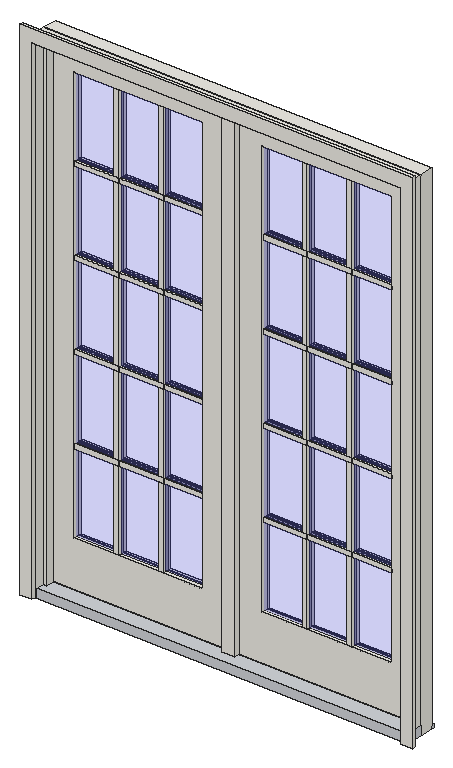
Revit family "Door-Outswing-Andersen-A_Series-Double 2", category Doors, host Wall, Revit 2013
Parameters
  Visual Light Transmittance = 0.37  # constant formula
  Type Comments = "Fiberglass-clad and Flexacron finished wood double door"  # constant formula
  Thermal Resistance (R) = 0.58703  # 3.3333 (h·ft²·°F)/BTU
  Solar Heat Gain Coefficient = 0.16  # constant formula
  Rough Width = Width + (Rough Opening Offset * 2)  # 6' - 0 3/4"
  Rough Height = if(1 > 0, Height + 0' 0 1/2", 0' 0")  # 8' - 0 1/2"
  Learn About These Parameters = "http://www.andersenwindows.com/for-professionals/cad-symbols-bim-support-window-doors/bim-support"
  Heat Transfer Coefficient (U) = 1.7035  # 0.3000 BTU/(h·ft²·°F)
  Grille Bar Sizes = "3/4'', 7/8'', 1 1/8'', 2 1/4''"  # constant formula
  Between Glass Grille Bar Sizes = "3/4'', 1''"  # constant formula
  Interior Trim Visibility = yes
  Grille Bar Size = 0' - 0 7/8"
  Enter Pattern Number = 1
  Analytic Construction = "<None>"
  ..Pattern Number 1 = "Colonial"  # constant formula
  . . Lights Wide = 3
  . . Lights High = 5
  ..Pattern Number 2 = "Modified Colonial"  # constant formula
  ..Pattern Number 3 = "Prairie"  # constant formula
  ..Pattern Number 4 = "Short Fractional"  # constant formula
  ..Pattern Number 5 = "Tall Fractional"  # constant formula
  Extension Jamb Visibility = yes
  Enter Exterior Trim Number = 0
  ..Exterior Trim Number 0 = "No Exterior Trim"  # constant formula
  ..Exterior Trim Number 1 = "Brick Mould"  # constant formula
  ..Exterior Trim Number 2 = "3 1/2'' Flat Casing"  # constant formula
  ..Exterior Trim Number 3 = "4 1/2'' Flat Casing"  # constant formula
  Interior Grille Bar Visibility = yes
  Exterior Grille Bar Visibility = yes
  Between Glass Grille Bar Visibility = yes
  xjamb Visibility [instance] = and(Extension Jamb Visibility, Wall Depth > 0' 4 9/16")  # no
  xjamb S1 [instance] = if(Wall Depth < 0' 4 5/8", 0' 0 1/16", 0' 0")  # 0' - 0 1/16"
  casingS2 = if(Enter Exterior Trim Number = 1, 0' 0 3/16", 0' 0 3/16")  # 0' - 0 3/16"
  casingS1 = if(Enter Exterior Trim Number = 1, 0' 0 7/16", 0' 0 3/16")  # 0' - 0 3/16"
  casing4 = if(Enter Exterior Trim Number = 1, 0' 1 3/4", if(Enter Exterior Trim Number = 2, 0' 3 1/4", 0' 4 1/4"))  # 0' - 4 1/4"
  casing3 = 0' - 0 1/2"  # constant formula
  casing2 = 0' - 0 7/8"  # constant formula
  casing1 = 0' - 0 1/4"  # constant formula
  Wall Thickness [instance] = 0' - 8"
  Wall Depth [instance] = 0' - 4 9/16"
  Void Offset 1 [instance] = if(Enter Exterior Trim Number > 0, casing4, 0' 0")  # 0' - 0"
  Void Depth [instance] = if(Wall Thickness > Wall Depth, 0' 1" + Wall Thickness - Wall Depth, 0' 1")  # 0' - 4 7/16"
  VGB DLO = if(Enter Pattern Number = 3, 0' 4", (H DLO - (Grille Bar Size * (V Bars))) / if(LWide > 2, LWide, 3))  # 0' - 7.66667"
  V Bars = if(Enter Pattern Number = 3, 2, if(LWide > 2, LWide - 1, 2))  # 2
  URL = "www.andersenwindows.com"
  TS V DLO = Height - HGO - SGO  # 6' - 7 7/8"
  TS V Bar Length = if(or(Enter Pattern Number = 5, Enter Pattern Number = 2), ((((Height - HGO - SGO - (Grille Bar Size * (Fractional Lights High - 1))) / Fractional Lights High)) * TFL) + (TFB * Grille Bar Size), if(Enter Pattern Number = 4, ((Height - HGO - SGO - (Grille Bar Size * (Fractional Lights High - 1))) / Fractional Lights High), Height - HGO - SGO))  # 6' - 7 7/8"
  TS SH DLO = if(or(Enter Pattern Number = 5, Enter Pattern Number = 2), ((((Height - HGO - SGO - (Grille Bar Size * (Fractional Lights High - 1))) / Fractional Lights High)) * TFL) + (TFB * Grille Bar Size) + HGO + (Grille Bar Size / 2), if(Enter Pattern Number = 4, TS V Bar Length + HGO + (Grille Bar Size / 2), (TS V DLO / 2) + HGO))  # 3' - 9 9/16"
  TS S V = or(and(LWide = 2, Enter Pattern Number = 1), and(Fractional Lights Wide = 2, or(or(Enter Pattern Number = 2, Enter Pattern Number = 4), Enter Pattern Number = 5)))  # no
  TS S H Craftsman = and(Enter Pattern Number = 2, or(Fractional Lights High = 4, Fractional Lights High = 5))  # no
  TS S H = or(or(or(and(. . Lights High = 2, Enter Pattern Number = 1), and(Enter Pattern Number = 4, Fractional Lights High > 1)), and(Enter Pattern Number = 5, Fractional Lights High > 1)), and(Enter Pattern Number = 2, Fractional Lights High > 1))  # no
  TS M V = or(or(or(or(or(and(LWide > 2, Enter Pattern Number = 1), and(LWide > 2, Enter Pattern Number = 2)), Enter Pattern Number = 3), Enter Pattern Number = 4), Enter Pattern Number = 5), and(LWide > 2, Enter Pattern Number = 6))  # yes
  TS M H = or(or(Enter Pattern Number = 3, and(. . Lights High > 2, Enter Pattern Number = 1)), and(Enter Pattern Number = 2, Fractional Lights High > 5))  # yes
  TS HGB DLO = if(Enter Pattern Number = 1, if(. . Lights High > 2, ((TS V Bar Length - (Grille Bar Size * (. . Lights High - 1))) / . . Lights High), 0' 4"), if(Enter Pattern Number = 3, 0' 4", if(Fractional Lights High > 2, ((TS V Bar Length - (Grille Bar Size * 2)) / 3), 0' 4")))  # 1' - 3.275"
  TS H Bars = if(Enter Pattern Number = 3, 2, if(Enter Pattern Number = 1, if(. . Lights High > 2, . . Lights High - 1, 2), 2))  # 4
  TFL = if(Fractional Lights High > 5, 3, if(or(Fractional Lights High = 4, Fractional Lights High = 5), 2, if(or(Fractional Lights High = 2, Fractional Lights High = 3), 1, 1)))  # 3
  TFB = TFL - 1  # 2
  Sill Interior Offset [instance] = 0' - 0"  # constant formula
  Sill Height [instance] = 0' - 1 11/16"  # constant formula
  Rough Opening Offset = 0' - 0 3/8"
  Panel Bottom Inset [instance] = 0' - 1"  # constant formula
  Sill Depth [instance] = 0' - 6 7/32"  # constant formula
  SGO = 0' - 10 1/2"  # constant formula
  Product Documentation Link = "http://www.andersenwindows.com/products/a-series-hinged-patio-door/"
  Panel Width = (Width / 2) - 0' 0 3/4"  # 2' - 11 1/4"
  Panel Height [instance] = CTRL Height - 0' 0 3/4" - Panel Bottom Inset  # 7' - 10 1/4"
  Nail Fin Visibility = Enter Exterior Trim Number = 0  # yes
  Model = "A-Series"  # constant formula
  Masonry Width = if(Enter Exterior Trim Number > 0, Width + ((casing4 + Masonry Opening Offset) * 2), Width + (Masonry Opening Offset * 2))  # 6' - 0 3/4"
  Masonry Opening Offset = 0' - 0 3/8"
  Masonry Height = if(Enter Exterior Trim Number > 0, Height + (casing4 + 0' 0 1/2"), Height + 0' 0 1/2")  # 8' - 0 1/2"
  Manufacturer = "Andersen Corporation"  # constant formula
  LWide = if(Enter Pattern Number = 3, 3, if(Enter Pattern Number = 1, . . Lights Wide, Fractional Lights Wide))  # 3
  JGO = 0' - 5 5/8"  # constant formula
  Is Outswing = 1 = 1  # yes
  Interior Unit Finish = Fiberglass - Andersen - White
  Interior Trim Size = 0' - 2 1/4"
  HGO = 0' - 5 5/8"  # constant formula
  H DLO = (Width / 2) - (JGO * 2)  # 2' - 0 3/4"
  Glazing Material = Glass ‐ Andersen - Low-E4 SmartSun
  Function = Exterior
  Height = 8' - 0"
  Wall Closure = By host
  Width = 6' - 0"
  Frame Interior Inset [instance] = 0' - 0"  # constant formula
  Frame Depth [instance] = 0' - 5 7/8"  # constant formula
  Fractional Lights Wide = 4
  Fractional Lights High = 6
  Family Version = "01.01.15"  # constant formula
  Exterior Unit Finish = Fiberglass - Andersen - White
  Exterior Trim Finish = Fibrex Composite - Andersen - White
  Designation = "FWOD"
  Description = "Fiberglass-clad and Flexacron finished wood double door"  # constant formula
  Coarse Plan [instance] = if(Wall Depth > Wall Thickness, Wall Thickness, Wall Depth)  # 0' - 4 9/16"
  Casing Visibility [instance] = Enter Exterior Trim Number > 0  # no
  CTRL Height [instance] = Height  # 8' - 0"
  Between Glass Grille Bar Finish = Stainless Steel - Andersen - Standard
  BS V DLO = Height - HGO - SGO  # 6' - 7 7/8"
  BS SH DLO = if(Enter Pattern Number = 5, SGO + 0' 4" + (Grille Bar Size / 2), (BS V DLO / 2) + SGO)  # 4' - 2 7/16"
  BS S V = and(LWide = 2, Enter Pattern Number = 1)  # no
  BS M V = or(or(and(LWide > 2, Enter Pattern Number = 1), Enter Pattern Number = 3), Enter Pattern Number = 5)  # yes
  Assembly Code = "B2030100"
Reference planes (in)
  plane 1 "Center (Front/Back)": y = 0
  plane 2 "Center (Left/Right)": x = 0
  plane 3 "R Frame": x = -36
  plane 4 "L Frame": x = 36
  plane 5 "T Frame": z = 96
  plane 6 "Wall S1": y = 4
  plane 7 "Wall S2": y = -4
  plane 8 "Interior Casing": y = -4.625
  plane 9 "Frame S2": y = -4
  plane 10 "Flange": y = 0.5625
  plane 11 "Casing S2": y = 2.0625
  plane 12 "Casing S1": y = 2.0625
  plane 13 "Exterior Offset": y = 5
  plane 14 "R Rough Opening": x = -36.375
  plane 15 "R Casing 1": x = -35.75
  plane 16 "R Casing 2": x = -39.375
  plane 17 "R Casing 3": x = -39.75
  plane 18 "R Casing 4": x = -40.25
  plane 19 "R Masonry Opening": x = -36.375
  plane 20 "L Masonry Opening": x = 36.375
  plane 21 "L Casing 4": x = 40.25
  plane 22 "L Casing 3": x = 39.75
  plane 23 "L Casing 2": x = 39.375
  plane 24 "L Casing 1": x = 35.75
  plane 25 "L Rough Opening": x = 36.375
  plane 26 "T Rough Opening": z = 96.5
  plane 27 "T Casing 1": z = 95.75
  plane 28 "T Casing 2": z = 99.375
  plane 29 "T Casing 3": z = 99.75
  plane 30 "T Casing 4": z = 100.25
  plane 31 "T Masonry Opening": z = 96.5
  plane 32 "R Int Casing": x = -37.5
  plane 33 "R Xjamb 2": x = -35.875
  plane 34 "R Ext Frame": x = -35.434
  plane 35 "L Int Casing": x = 37.5
  plane 36 "L Xjamb 2": x = 35.875
  plane 37 "L Ext Frame": x = 34.578
  plane 38 "T Int Casing": z = 97.684
  plane 39 "T Xjamb 2": z = 95.875
  plane 40 "T Ext Frame": z = 95.434
  plane 41 "LL Panel": x = 35.25
  plane 42 "LR Panel": x = 0.75
  plane 43 "T Panel": z = 95.25
  plane 44 "B Panel": z = 1
  plane 45 "B Glazing": z = 10.5
  plane 46 "T Glazing": z = 90.375
  plane 47 "LL Glazing": x = 30.375
  plane 48 "LR Glazing": x = 5.625
  plane 49 "Panel1 S1": y = 0.943
  plane 50 "Panel1 S2": y = -0.776
  plane 51 "Xjamb S1": y = -3.9375
  plane 52 "Frame S1": y = 1.875
  plane 53 "L Stop": x = 34.305
  plane 54 "R Stop": x = -34.305
  plane 55 "T Stop": z = 94.305
  plane 56 "Sill Height": z = 1.6875
  plane 57 "Glass1 S1": y = 0.53009
  plane 58 "Glass1 S3": y = -0.111
  plane 59 "Glass1 S2": y = 0.40509
  plane 60 "Glass1 S4": y = -0.236
  plane 61 "Vert Bar length": z = 10.5
  plane 62 "L Xjamb 1": x = 35.25
  plane 63 "R Xjamb S1": x = -35.25
  plane 64 "T Xjamb S1": z = 95.25
  plane 65 "R Int Frame": x = -34.984
  plane 66 "L Int Frame": x = 34.984
  plane 67 "Frame S1.1": y = 1.72601
  plane 68 "T Int Frame": z = 94.984
  plane 69 "B Ext Frame": z = 0.748
  plane 70 "B Stop": z = 2.45642
  plane 71 "Sill S1": y = 2.205
  plane 72 "R Ext Frame 2": x = -34.578
  plane 73 "Stop S1": y = -2.328
  plane 74 "L Ext Frame 2": x = 35.434
  plane 75 "T Ext Frame 2": z = 94.578
  plane 76: z = 48.125
  plane 77 "RL Panel": x = -0.75
  plane 78 "RL Glazing": x = -5.625
  plane 79 "RR Glazing": x = -30.375
  plane 80 "RR Panel": x = -35.25
Forms (in)
  Extrusion 1, void
    sketch origin (0, 0, 0) x (1, 0, 0) y (0, 0, 1)
      loop
        line (36, 96) -> (-36, 96) -> (-36, 0) -> (36, 0) -> (36, 96)
    from -0.5625 to 4
  Extrusion 2, void
    sketch origin (0, 0, 0) x (1, 0, 0) y (0, 0, 1)
      loop
        line (36, 96) -> (-36, 96) -> (-36, 0) -> (36, 0) -> (36, 96)
    from -30 to -0.5625
  Sweep 3, solid, material "Fibrex Composite - Andersen - White" <- "Exterior Trim Finish", visible <- "Casing Visibility", detail levels medium+fine
    path origin (0, 0.5625, 0) x (-1, 0, 0) y (0, 0, 1)
      loop
        line (-40.25, 0) -> (-40.25, 100.25) -> (40.25, 100.25) -> (40.25, 0)
    profile origin (40.25, 0.5625, 50.125) x (1, 0, 0) y (0, 1, 0)
      loop
        line (-0.875, 1.5) -> (-4.5, 1.5) -> (-4.5, 0) -> (0, 0) -> (0, 1.5) -> (-0.5, 1.5) -> (-0.875, 1.5)
  Extrusion 4, solid, material "Fibrex Composite - Andersen - White" <- "Exterior Trim Finish", visible <- "Casing Visibility", detail levels coarse
    sketch origin (0, 0.5625, 0) x (-1, 0, 0) y (0, 0, 1)
      loop
        line (-35.75, 95.75) -> (35.75, 95.75) -> (35.75, 0) -> (40.25, 0) -> (40.25, 100.25) -> (-40.25, 100.25) -> (-40.25, 0) -> (-35.75, 0) -> (-35.75, 95.75)
    from 0 to 1.5
  Extrusion 5, solid, material "Fiberglass - Andersen - White" <- "Interior Unit Finish", visible <- "Interior Trim Visibility", detail levels fine
    sketch origin (0, 0, 0) x (1, 0, 0) y (0, 0, 1)
      loop
        line (-35.25, 95.25) -> (35.25, 95.25) -> (35.25, 0) -> (37.5, 0) -> (37.5, 97.684) -> (-37.5, 97.684) -> (-37.5, 0) -> (-35.25, 0) -> (-35.25, 95.25)
    from 4 to 4.625
  Extrusion 6, solid, material "Fiberglass - Andersen - White" <- "Interior Unit Finish", visible <- "xjamb Visibility", detail levels medium+fine
    sketch origin (0, 0, 0) x (1, 0, 0) y (0, 0, 1)
      loop
        line (-35.875, 0) -> (-35.25, 0) -> (-35.25, 95.25) -> (35.25, 95.25) -> (35.25, 0) -> (35.875, 0) -> (35.875, 95.875) -> (-35.875, 95.875) -> (-35.875, 0)
    from 3.9375 to 4
  Sweep 7, void
    path origin (4.25, 0.5625, 0) x (-1, 0, 0) y (0, 0, 1)
      loop
        line (4.25, 0) -> (4.25, 10.5)
    profile origin (0, 0.5625, 5.25) x (1, 0, 0) y (0, 1, 0)
      loop
        line (36, -1.3385) -> (36, 1.3125) -> (35.434, 1.3125) -> (35.434, -0.15741) -> (34.578, -0.15741) -> (34.578, -1.3385) -> (36, -1.3385)
      loop
        line (-36, -1.3385) -> (-34.578, -1.3385) -> (-34.578, -0.15741) -> (-35.434, -0.15741) -> (-35.434, 1.3125) -> (-36, 1.3125) -> (-36, -1.3385)
  Sweep 8, solid, material "Fiberglass - Andersen - White" <- "Exterior Unit Finish"
    path in 3D
      loop
        line (36, 0.5625, 0) -> (36, 0.5625, 96) -> (-36, 0.5625, 96) -> (-36, 0.5625, 0)
    profile origin (36, 0.5625, 48) x (1, 0, 0) y (0, 1, 0)
      loop
        line (0, 1.3125) -> (-0.566, 1.3125) -> (-0.566, -0.15741) -> (-1.422, -0.15741) -> (-1.422, -1.3385) -> (0, -1.3385) -> (0, 1.3125)
  Sweep 9, solid, material "Fiberglass - Andersen - White" <- "Interior Unit Finish"
    path in 3D
      loop
        line (36, 0.5625, 0) -> (36, 0.5625, 96) -> (-36, 0.5625, 96) -> (-36, 0.5625, 0)
    profile origin (36, 0.5625, 48) x (1, 0, 0) y (0, 1, 0)
      loop
        line (0, -1.3385) -> (-1.695, -1.3385) -> (-1.695, -2.8905) -> (-1.016, -2.8905) -> (-1.016, -4.5625) -> (0, -4.5625) -> (0, -1.3385)
  Extrusion 10, solid, material "Fiberglass - Andersen - White" <- "Exterior Unit Finish"
    sketch origin (0, 0.5625, 0) x (-1, 0, 0) y (0, 0, 1)
      loop
        line (-35.25, 95.25) -> (-35.25, 1) -> (-0.75, 1) -> (-0.75, 95.25) -> (-35.25, 95.25)
      loop
        line (-30.375, 90.375) -> (-30.375, 10.5) -> (-5.625, 10.5) -> (-5.625, 90.375) -> (-30.375, 90.375)
    from -0.03241 to 0.3805
  Extrusion 11, solid, material "Fiberglass - Andersen - White" <- "Interior Unit Finish"
    sketch origin (0, 0.5625, 0) x (-1, 0, 0) y (0, 0, 1)
      loop
        line (-35.25, 95.25) -> (-35.25, 1) -> (-0.75, 1) -> (-0.75, 95.25) -> (-35.25, 95.25)
      loop
        line (-30.375, 90.375) -> (-30.375, 10.5) -> (-5.625, 10.5) -> (-5.625, 90.375) -> (-30.375, 90.375)
    from -1.3385 to -0.03241
  Extrusion 12, solid, material "Glass ‐ Andersen - Low-E4 SmartSun" <- "Glazing Material"
    sketch origin (0, 0.5625, 0) x (-1, 0, 0) y (0, 0, 1)
      loop
        line (-30.375, 90.375) -> (-30.375, 10.5) -> (-5.625, 10.5) -> (-5.625, 90.375) -> (-30.375, 90.375)
    from -0.7985 to -0.03241
  Extrusion 13, solid
    sketch origin (0, 0, 0) x (0, 1, 0) y (0, 0, 1)
      loop
        line (2.205, 0.748) -> (0.40509, 0.748) -> (0.40509, 1.6875) -> (-0.776, 1.6875) -> (-0.776, 0) -> (2.205, 0) -> (2.205, 0.748)
    from -36 to 36
  Extrusion 14, solid
    sketch origin (0, 0, 0) x (0, 1, 0) y (0, 0, 1)
      loop
        line (-0.776, 1.6875) -> (-4, 1.6875) -> (-4, 0) -> (-0.776, 0) -> (-0.776, 1.6875)
    from -36 to 36
  Extrusion 15, solid, material "Fiberglass - Andersen - White" <- "Interior Unit Finish"
    sketch origin (0, 0.5625, 0) x (-1, 0, 0) y (0, 0, 1)
      loop
        line (0.75, 95.25) -> (0.75, 1) -> (35.25, 1) -> (35.25, 95.25) -> (0.75, 95.25)
      loop
        line (5.625, 90.375) -> (5.625, 10.5) -> (30.375, 10.5) -> (30.375, 90.375) -> (5.625, 90.375)
    from -1.3385 to -0.03241
  Extrusion 16, solid, material "Fiberglass - Andersen - White" <- "Exterior Unit Finish"
    sketch origin (0, 0.5625, 0) x (-1, 0, 0) y (0, 0, 1)
      loop
        line (0.75, 95.25) -> (0.75, 1) -> (35.25, 1) -> (35.25, 95.25) -> (0.75, 95.25)
      loop
        line (5.625, 90.375) -> (5.625, 10.5) -> (30.375, 10.5) -> (30.375, 90.375) -> (5.625, 90.375)
    from -0.03241 to 0.3805
  Extrusion 17, solid, material "Glass ‐ Andersen - Low-E4 SmartSun" <- "Glazing Material"
    sketch origin (0, 0.5625, 0) x (-1, 0, 0) y (0, 0, 1)
      loop
        line (5.625, 90.375) -> (5.625, 10.5) -> (30.375, 10.5) -> (30.375, 90.375) -> (5.625, 90.375)
    from -0.7985 to -0.03241
  Extrusion 18, solid, material "Fiberglass - Andersen - White" <- "Exterior Unit Finish"
    sketch origin (0, 0, 0) x (1, 0, 0) y (0, 1, 0)
      loop
        line (-2, 1.875) -> (-2, 0.943) -> (0, 0.943) -> (0, 1.875) -> (-2, 1.875)
    from 1 to 95.25
  Extrusion 19, solid, material "Fiberglass - Andersen - White" <- "Exterior Unit Finish"
    sketch origin (0, 0, 0) x (1, 0, 0) y (0, 1, 0)
      loop
        line (0, 1.875) -> (0, 0.943) -> (2, 0.943) -> (2, 1.875) -> (0, 1.875)
    from 1 to 95.25
  Extrusion 20, solid, material "Fiberglass - Andersen - White" <- "Interior Unit Finish"
    sketch origin (0, 0, 0) x (1, 0, 0) y (0, 1, 0)
      loop
        line (-1.25, -0.776) -> (-1.25, -1.708) -> (1.25, -1.708) -> (1.25, -0.776) -> (-1.25, -0.776)
    from 1.6875 to 94.305
Cuts and joins
  Sweep 7 cuts Extrusion 13
Lines and regions (in)
  Masking region 1, visible <- "Casing Visibility"
    outline origin (0, 0, 0) x (0, 1, 0) y (0, 0, 1)
      loop
        line (0.5625, 96) -> (1.875, 96) -> (1.875, 0) -> (2.0625, 0) -> (2.0625, 100.25) -> (0.5625, 100.25) -> (0.5625, 96)
  Masking region 2
    outline origin (0, 0, 0) x (0, 1, 0) y (0, 0, 1)
      loop
        line (1.875, 96) -> (-4, 96) -> (-4, 0) -> (2.205, 0) -> (2.205, 0.748) -> (1.875, 0.748) -> (1.875, 96)
  Masking region 3, visible <- "Casing Visibility", detail levels fine
    outline origin (0, 0, 0) x (1, 0, 0) y (0, 1, 0)
      loop
        line (-39.75, 2.0625) -> (-40.25, 2.0625) -> (-40.25, 0.5625) -> (-36, 0.5625) -> (-36, 1.875) -> (-35.75, 1.875) -> (-35.75, 2.0625) -> (-39.375, 2.0625) -> (-39.75, 2.0625)
  Masking region 4, visible <- "Casing Visibility", detail levels fine
    outline origin (0, 0, 0) x (1, 0, 0) y (0, 1, 0)
      loop
        line (39.75, 2.0625) -> (39.375, 2.0625) -> (35.75, 2.0625) -> (35.75, 1.875) -> (36, 1.875) -> (36, 0.5625) -> (40.25, 0.5625) -> (40.25, 2.0625) -> (39.75, 2.0625)
  Masking region 5, visible <- "Casing Visibility", detail levels coarse+medium
    outline origin (0, 0, 0) x (1, 0, 0) y (0, 1, 0)
      loop
        line (-40.25, 2.0625) -> (-40.25, 0.5625) -> (-36, 0.5625) -> (-36, 2.0625) -> (-40.25, 2.0625)
  Masking region 6, visible <- "Casing Visibility", detail levels coarse+medium
    outline origin (0, 0, 0) x (1, 0, 0) y (0, 1, 0)
      loop
        line (36, 2.0625) -> (36, 0.5625) -> (40.25, 0.5625) -> (40.25, 2.0625) -> (36, 2.0625)
  Masking region 7, visible <- "Casing Visibility"
    outline origin (0, 2.625, 0) x (-1, 0, 0) y (0, 0, 1)
      loop
        line (-40.25, 100.25) -> (-40.25, 0) -> (-36, 0) -> (-36, 96) -> (36, 96) -> (36, 0) -> (40.25, 0) -> (40.25, 100.25) -> (-40.25, 100.25)
  Masking region 8, visible <- "Interior Trim Visibility", detail levels fine
    outline origin (0, -4.625, 0) x (-1, 0, 0) y (0, 0, 1)
      loop
        line (-37.5, 97.684) -> (-37.5, 0) -> (-35.25, 0) -> (-35.25, 95.25) -> (35.25, 95.25) -> (35.25, 0) -> (37.5, 0) -> (37.5, 97.684) -> (-37.5, 97.684)
  Masking region 9
    outline origin (0, -4, 0) x (-1, 0, 0) y (0, 0, 1)
      loop
        line (-36, 96) -> (-36, 0) -> (36, 0) -> (36, 96) -> (-36, 96)
      loop
        line (-34.305, 94.305) -> (-34.305, 1.6875) -> (34.305, 1.6875) -> (34.305, 94.305) -> (-34.305, 94.305)
  Masking region 10
    outline origin (0, 0.943, 0) x (-1, 0, 0) y (0, 0, 1)
      loop
        line (-35.25, 95.25) -> (-35.25, 1) -> (35.25, 1) -> (35.25, 95.25) -> (-35.25, 95.25)
  Masking region 11, visible <- "Interior Trim Visibility", detail levels fine
    outline origin (0, 0, 0) x (1, 0, 0) y (0, 1, 0)
      loop
        line (-37.5, -4) -> (-37.5, -4.625) -> (-35.25, -4.625) -> (-35.25, -4) -> (-37.5, -4)
  Masking region 12, visible <- "xjamb Visibility", detail levels medium+fine
    outline origin (0, 0, 0) x (1, 0, 0) y (0, 1, 0)
      loop
        line (-35.875, -3.9375) -> (-35.875, -4) -> (-35.25, -4) -> (-35.25, -3.9375) -> (-35.875, -3.9375)
  Masking region 13, visible <- "Interior Trim Visibility", detail levels fine
    outline origin (0, 0, 0) x (1, 0, 0) y (0, 1, 0)
      loop
        line (35.25, -4) -> (35.25, -4.625) -> (37.5, -4.625) -> (37.5, -4) -> (35.25, -4)
  Masking region 14, visible <- "xjamb Visibility", detail levels medium+fine
    outline origin (0, 0, 0) x (1, 0, 0) y (0, 1, 0)
      loop
        line (35.25, -3.9375) -> (35.25, -4) -> (35.875, -4) -> (35.875, -3.9375) -> (35.25, -3.9375)
  Masking region 15, visible <- "xjamb Visibility", detail levels medium+fine
    outline origin (0, 0, 0) x (0, 1, 0) y (0, 0, 1)
      loop
        line (-3.9375, 95.875) -> (-4, 95.875) -> (-4, 0) -> (-3.9375, 0) -> (-3.9375, 95.875)
  Masking region 16, visible <- "Interior Trim Visibility", detail levels fine
    outline origin (0, 0, 0) x (0, 1, 0) y (0, 0, 1)
      loop
        line (-4, 97.684) -> (-4.625, 97.684) -> (-4.625, 0) -> (-4, 0) -> (-4, 97.684)
  Masking region 17
    outline origin (0, 0, 0) x (1, 0, 0) y (0, 1, 0)
      loop
        line (-36, 1.875) -> (-36, -4) -> (36, -4) -> (36, 1.875) -> (-36, 1.875)
  symbolic lines, style "DoorsFrameMullionProjection", visible <- "Casing Visibility", detail levels medium+fine
    curve 1: line (0, 2.0625, 99.75) -> (0, 2.0625, 99.375)
    curve 2: line (0, 2.0625, 99.375) -> (0, 2.0625, 95.75)
    curve 3: line (0, 2.0625, 95.75) -> (0, 1.875, 95.75)
  symbolic lines, style "DoorsFrameMullionProjection", detail levels coarse
    curve 4: line (0, 1.875, 96) -> (0, 2.0625, 96)
    curve 55: line (35.25, 1.875, 0) -> (35.25, -4, 0)
    curve 172: line (34.984, -0.776, 0) -> (35.25, -0.776, 0)
    curve 225: line (-33.484, -0.776, 0) -> (-35.25, -0.776, 0)
    curve 236: line (-35.25, 1.875, 0) -> (-35.25, -4, 0)
  symbolic lines, style "DoorsFrameMullionProjection", visible <- "Nail Fin Visibility", detail levels medium+fine
    curve 5: line (0, 0.5625, 96.34025) -> (0, 0.5625, 96)
  symbolic lines, style "DoorsGlassProjection", detail levels fine
    curve 6: line (0, -0.111, 10.5) -> (0, -0.111, 90.375)
    curve 7: line (0, 0.40509, 10.5) -> (0, 0.40509, 90.375)
    curve 10: line (30.375, 0.40509, 0) -> (5.625, 0.40509, 0)
    curve 11: line (30.375, -0.111, 0) -> (5.625, -0.111, 0)
    curve 61: line (0, -0.111, 10.375) -> (0, 0.40509, 10.375)
    curve 62: line (0, -0.111, 9.75) -> (0, -0.111, 10.5)
    curve 63: line (0, 0.40509, 9.75) -> (0, 0.40509, 10.5)
    curve 93: line (-31.1405, -0.111, 0) -> (-30.375, -0.111, 0)
    curve 94: line (-30.375, 0.40509, 0) -> (-31.1405, 0.40509, 0)
    curve 95: line (-30.5, 0.40509, 0) -> (-30.5, -0.111, 0)
    curve 123: line (31.1405, -0.111, 0) -> (30.375, -0.111, 0)
    curve 124: line (30.375, 0.40509, 0) -> (31.1405, 0.40509, 0)
    curve 125: line (30.5, 0.40509, 0) -> (30.5, -0.111, 0)
    curve 138: line (0, -0.111, 90.5) -> (0, 0.40509, 90.5)
    curve 139: line (0, -0.111, 91.125) -> (0, -0.111, 90.375)
    curve 140: line (0, 0.40509, 91.125) -> (0, 0.40509, 90.375)
    curve 195: line (4.8595, -0.111, 0) -> (5.625, -0.111, 0)
    curve 196: line (5.625, 0.40509, 0) -> (4.8595, 0.40509, 0)
    curve 197: line (5.5, 0.40509, 0) -> (5.5, -0.111, 0)
    curve 215: line (-4.8595, -0.111, 0) -> (-5.625, -0.111, 0)
    curve 216: line (-5.625, 0.40509, 0) -> (-4.8595, 0.40509, 0)
    curve 217: line (-5.5, 0.40509, 0) -> (-5.5, -0.111, 0)
    curve 232: line (-5.625, 0.40509, 0) -> (-30.375, 0.40509, 0)
    curve 233: line (-5.625, -0.111, 0) -> (-30.375, -0.111, 0)
  symbolic lines, style "DoorsGlassProjection"
    curve 8: line (0, -0.236, 10.5) -> (0, -0.236, 90.375)
    curve 9: line (0, 0.53009, 10.5) -> (0, 0.53009, 90.375)
  symbolic lines, style "DoorsGlassProjection", detail levels medium+fine
    curve 12: line (30.375, 0.53009, 0) -> (5.625, 0.53009, 0)
    curve 13: line (30.375, -0.236, 0) -> (5.625, -0.236, 0)
    curve 234: line (-5.625, 0.53009, 0) -> (-30.375, 0.53009, 0)
    curve 235: line (-5.625, -0.236, 0) -> (-30.375, -0.236, 0)
  symbolic lines, style "DoorsPanelProjection"
    curve 14: line (30.375, 0.943, 90.375) -> (5.625, 0.943, 90.375)
    curve 15: line (30.375, 0.943, 10.5) -> (30.375, 0.943, 90.375)
    curve 16: line (5.625, 0.943, 10.5) -> (30.375, 0.943, 10.5)
    curve 17: line (5.625, 0.943, 90.375) -> (5.625, 0.943, 10.5)
    curve 257: line (-5.625, 0.943, 90.375) -> (-30.375, 0.943, 90.375)
    curve 258: line (-5.625, 0.943, 10.5) -> (-5.625, 0.943, 90.375)
    curve 259: line (-30.375, 0.943, 10.5) -> (-5.625, 0.943, 10.5)
    curve 260: line (-30.375, 0.943, 90.375) -> (-30.375, 0.943, 10.5)
    curve 261: line (2, 0.943, 95.25) -> (2, 0.943, 1)
    curve 262: line (0, 0.943, 95.25) -> (0, 0.943, 1)
    curve 263: line (-2, 0.943, 95.25) -> (-2, 0.943, 1)
  symbolic lines, style "DoorsFrameMullionProjection", visible <- "xjamb Visibility", detail levels medium+fine
    curve 18: line (0, -3.9375, 95.25) -> (0, -4, 95.25)
  symbolic lines, style "DoorsFrameMullionProjection", visible <- "Interior Trim Visibility", detail levels fine
    curve 19: line (0, -4, 95.25) -> (0, -4.625, 95.25)
  symbolic lines, style "DoorsFrameMullionProjection"
    curve 20: line (0, 0.5625, 97.625) -> (0, 0.5625, 96)
    curve 21: line (0, 1.72601, 95.516) -> (0, 1.8745, 95.516)
    curve 22: line (0, 1.72601, 95.434) -> (0, 1.72601, 95.516)
    curve 23: line (0, 1.72601, 95.434) -> (0, 0.40509, 95.434)
    curve 24: line (0, 0.40509, 94.578) -> (0, 0.40509, 95.434)
    curve 53: line (0.75, 0.943, 0) -> (35.25, 0.943, 0)
    curve 54: line (0.75, -0.776, 0) -> (34.984, -0.776, 0)
    curve 56: line (0, 0.943, 95.434) -> (0, 0.943, 0.81388)
    curve 57: line (0, -0.776, 94.578) -> (0, -0.776, 1.6875)
    curve 64: line (0, -4, 0) -> (0, -4, 0.891)
    curve 65: line (0, -3.25, 1.141) -> (0, -1.546, 1.141)
    curve 66: line (0, -1.546, 1.141) -> (0, -1.546, 1.6875)
    curve 67: line (0, 0.40509, 0.84207) -> (0, 2.205, 0.74774)
    curve 68: line (0, 2.205, 0.74774) -> (0, 2.205, 0)
    curve 69: line (0, 0.40509, 1.6875) -> (0, -1.546, 1.6875)
    curve 70: line (0, 0.61934, 10.5) -> (0, 0.9435, 10.38992)
    curve 71: line (0, 0.53059, 10.5) -> (0, 0.61934, 10.5)
    curve 72: line (0, 0.53059, 9.75) -> (0, 0.53059, 10.5)
    curve 73: line (0, -0.776, 9.75) -> (0, 0.53059, 9.75)
    curve 74: line (0, -0.2355, 9.75) -> (0, -0.2355, 10.5)
    curve 75: line (0, -0.2355, 10.5) -> (0, -0.3155, 10.5)
    curve 76: line (0, -0.3155, 10.5) -> (0, -0.776, 10.10858)
    curve 141: line (0, -4, 94.984) -> (0, -2.328, 94.984)
    curve 142: line (0, -1.79342, 94.305) -> (0, -0.776, 94.305)
    curve 143: line (0, -2.328, 94.666) -> (0, -2.328, 94.984)
    curve 144: line (0, 0.61884, 90.375) -> (0, 0.943, 90.48508)
    curve 145: line (0, 0.53009, 90.375) -> (0, 0.61884, 90.375)
    curve 146: line (0, 0.53009, 91.125) -> (0, 0.53009, 90.375)
    curve 147: line (0, -0.776, 91.125) -> (0, 0.53009, 91.125)
    curve 148: line (0, -0.316, 90.375) -> (0, -0.236, 90.375)
    curve 149: line (0, -0.776, 90.766) -> (0, -0.316, 90.375)
    curve 150: line (0, -0.236, 90.375) -> (0, -0.236, 91.125)
    curve 151: line (0, -2.328, 94.666) -> (0, -1.79342, 94.305)
    curve 166: line (0, 0.40509, 0.84207) -> (0, 0.40509, 1.6875)
    curve 167: line (0, -4, 0.891) -> (0, -3.25, 1.141)
    curve 170: line (0, -0.776, 94.578) -> (0, 0.40509, 94.578)
    curve 187: line (0, -2.328, 94.984) -> (0, -0.776, 94.984)
    curve 188: line (0, -0.776, 94.984) -> (0, -0.776, 94.305)
    curve 228: line (-35.25, 0.943, 0) -> (-0.75, 0.943, 0)
    curve 229: line (-34.984, -0.776, 0) -> (-0.75, -0.776, 0)
    curve 243: line (-2, 1.875, 0) -> (-2, 0.943, 0)
    curve 244: line (2, 1.875, 0) -> (2, 0.943, 0)
    curve 245: line (-0.75, 0.943, 0) -> (-0.75, -0.776, 0)
    curve 246: line (0.75, 0.943, 0) -> (0.75, -0.776, 0)
    curve 247: line (1.25, -0.776, 0) -> (1.25, -1.708, 0)
    curve 248: line (-1.25, -0.776, 0) -> (-1.25, -1.708, 0)
    curve 249: line (-1.25, -1.708, 0) -> (1.25, -1.708, 0)
    curve 251: line (0, 1.875, 0) -> (0, 0.943, 0)
    curve 252: line (0, 0.943, 0) -> (-0.75, 0.943, 0)
  symbolic lines, style "DoorsFrameMullionProjection", not visible
    curve 25: line (0, -7.30228, 74.06559) -> (0, -7.30228, 72.44059)
    curve 26: line (0, -6.13877, 71.95659) -> (0, -5.99028, 71.95659)
    curve 27: line (0, -6.13877, 71.87459) -> (0, -6.13877, 71.95659)
    curve 28: line (0, -6.13877, 71.87459) -> (0, -7.45968, 71.87459)
    curve 29: line (0, -7.45968, 71.01859) -> (0, -7.45968, 71.87459)
    curve 80: line (0, -12.83947, 5.45411) -> (0, -12.83947, 6.34511)
    curve 81: line (0, -12.08947, 6.59511) -> (0, -10.38547, 6.59511)
    curve 82: line (0, -10.38547, 6.59511) -> (0, -10.38547, 7.14161)
    curve 83: line (0, -8.43438, 6.29618) -> (0, -6.63447, 6.20185)
    curve 84: line (0, -6.63447, 6.20185) -> (0, -6.63447, 5.45411)
    curve 85: line (0, -8.43438, 7.14161) -> (0, -10.38547, 7.14161)
    curve 86: line (0, -8.22013, 15.95411) -> (0, -7.89597, 15.84402)
    curve 87: line (0, -8.30888, 15.95411) -> (0, -8.22013, 15.95411)
    curve 88: line (0, -8.30888, 15.20411) -> (0, -8.30888, 15.95411)
    curve 89: line (0, -9.61547, 15.20411) -> (0, -8.30888, 15.20411)
    curve 90: line (0, -9.07497, 15.20411) -> (0, -9.07497, 15.95411)
    curve 91: line (0, -9.07497, 15.95411) -> (0, -9.15497, 15.95411)
    curve 92: line (0, -9.15497, 15.95411) -> (0, -9.61547, 15.56268)
    curve 155: line (0, -11.86478, 71.42459) -> (0, -10.19278, 71.42459)
    curve 156: line (0, -9.65819, 70.74559) -> (0, -8.64078, 70.74559)
    curve 157: line (0, -10.19278, 71.10659) -> (0, -10.19278, 71.42459)
    curve 158: line (0, -7.24594, 66.81559) -> (0, -6.92178, 66.92568)
    curve 159: line (0, -7.33468, 66.81559) -> (0, -7.24594, 66.81559)
    curve 160: line (0, -7.33468, 67.56559) -> (0, -7.33468, 66.81559)
    curve 161: line (0, -8.64078, 67.56559) -> (0, -7.33468, 67.56559)
    curve 162: line (0, -8.18078, 66.81559) -> (0, -8.10078, 66.81559)
    curve 163: line (0, -8.64078, 67.20659) -> (0, -8.18078, 66.81559)
    curve 164: line (0, -8.10078, 66.81559) -> (0, -8.10078, 67.56559)
    curve 165: line (0, -10.19278, 71.10659) -> (0, -9.65819, 70.74559)
    curve 168: line (0, -8.43438, 6.29618) -> (0, -8.43438, 7.14161)
    curve 169: line (0, -12.83947, 6.34511) -> (0, -12.08947, 6.59511)
    curve 171: line (0, -8.64078, 71.01859) -> (0, -7.45968, 71.01859)
    curve 189: line (0, -10.19278, 71.42459) -> (0, -8.64078, 71.42459)
    curve 190: line (0, -8.64078, 71.42459) -> (0, -8.64078, 70.74559)
    curve 237: line (-2, -0.708, 0) -> (-2, 0.224, 0)
    curve 238: line (2, -0.708, 0) -> (2, 0.224, 0)
    curve 239: line (-0.75, 0.224, 0) -> (-0.75, 1.943, 0)
    curve 240: line (0.75, 0.224, 0) -> (0.75, 1.943, 0)
    curve 241: line (1.25, 1.943, 0) -> (1.25, 2.875, 0)
    curve 242: line (-1.25, 1.943, 0) -> (-1.25, 2.875, 0)
    curve 250: line (-1.25, 2.875, 0) -> (1.25, 2.875, 0)
    curve 253: line (0, -0.708, 0) -> (0, 0.224, 0)
    curve 254: line (0, 0.224, 0) -> (-0.75, 0.224, 0)
  symbolic lines, style "DoorsFrameMullionProjection", detail levels medium+fine
    curve 30: line (-37.55, 0.5625, 0) -> (-36, 0.5625, 0)
    curve 38: line (37.55, 0.5625, 0) -> (36, 0.5625, 0)
    curve 184: line (-34.984, -4, 94.984) -> (34.984, -4, 94.984)
    curve 185: line (-34.984, -4, 0) -> (-34.984, -4, 94.984)
    curve 186: line (34.984, -4, 94.984) -> (34.984, -4, 0)
  symbolic lines, style "DoorsFrameMullionProjection", detail levels fine
    curve 31: line (-35.516, 1.72601, 0) -> (-35.516, 1.8745, 0)
    curve 32: line (-35.434, 1.72601, 0) -> (-35.516, 1.72601, 0)
    curve 33: line (-35.434, 0.40509, 0) -> (-35.434, 1.72601, 0)
    curve 39: line (35.516, 1.72601, 0) -> (35.516, 1.8745, 0)
    curve 40: line (35.434, 1.72601, 0) -> (35.516, 1.72601, 0)
    curve 41: line (35.434, 0.40509, 0) -> (35.434, 1.72601, 0)
    curve 58: line (-34.578, 0.40509, 0) -> (-35.434, 0.40509, 0)
    curve 60: line (34.578, 0.40509, 0) -> (35.434, 0.40509, 0)
    curve 96: line (-34.305, -1.79342, 0) -> (-34.305, -0.776, 0)
    curve 97: line (-34.984, -4, 0) -> (-34.984, -0.776, 0)
    curve 98: line (-30.375, 0.5732, 0) -> (-30.50058, 0.943, 0)
    curve 99: line (-30.375, 0.53009, 0) -> (-30.375, 0.5732, 0)
    curve 100: line (-31.1405, 0.53009, 0) -> (-30.375, 0.53009, 0)
    curve 101: line (-31.1405, -0.776, 0) -> (-31.1405, 0.53009, 0)
    curve 102: line (-31.1405, -0.236, 0) -> (-30.375, -0.236, 0)
    curve 103: line (-30.375, -0.29776, 0) -> (-30.7815, -0.776, 0)
    curve 104: line (-30.375, -0.236, 0) -> (-30.375, -0.29776, 0)
    curve 105: line (-34.578, -0.776, 0) -> (-34.578, 0.40509, 0)
    curve 106: line (-34.666, -2.328, 0) -> (-34.305, -1.79342, 0)
    curve 107: line (-34.666, -2.328, 0) -> (-34.984, -2.328, 0)
    curve 126: line (34.305, -1.79342, 0) -> (34.305, -0.776, 0)
    curve 127: line (34.984, -4, 0) -> (34.984, -0.776, 0)
    curve 128: line (30.375, 0.5732, 0) -> (30.50058, 0.943, 0)
    curve 129: line (30.375, 0.53009, 0) -> (30.375, 0.5732, 0)
    curve 130: line (31.1405, 0.53009, 0) -> (30.375, 0.53009, 0)
    curve 131: line (31.1405, -0.776, 0) -> (31.1405, 0.53009, 0)
    curve 132: line (31.1405, -0.236, 0) -> (30.375, -0.236, 0)
    curve 133: line (30.375, -0.29776, 0) -> (30.7815, -0.776, 0)
    curve 134: line (30.375, -0.236, 0) -> (30.375, -0.29776, 0)
    curve 135: line (34.578, -0.776, 0) -> (34.578, 0.40509, 0)
    curve 136: line (34.666, -2.328, 0) -> (34.305, -1.79342, 0)
    curve 137: line (34.666, -2.328, 0) -> (34.984, -2.328, 0)
    curve 181: line (-35.25, 0.40509, 0) -> (-35.25, 0.943, 0)
    curve 183: line (35.25, 0.40509, 0) -> (35.25, 0.943, 0)
    curve 198: line (5.625, 0.5732, 0) -> (5.49942, 0.943, 0)
    curve 199: line (5.625, 0.53009, 0) -> (5.625, 0.5732, 0)
    curve 200: line (4.8595, 0.53009, 0) -> (5.625, 0.53009, 0)
    curve 201: line (4.8595, -0.776, 0) -> (4.8595, 0.53009, 0)
    curve 202: line (4.8595, -0.236, 0) -> (5.625, -0.236, 0)
    curve 203: line (5.625, -0.29776, 0) -> (5.2185, -0.776, 0)
    curve 204: line (5.625, -0.236, 0) -> (5.625, -0.29776, 0)
    curve 218: line (-5.625, 0.5732, 0) -> (-5.49942, 0.943, 0)
    curve 219: line (-5.625, 0.53009, 0) -> (-5.625, 0.5732, 0)
    curve 220: line (-4.8595, 0.53009, 0) -> (-5.625, 0.53009, 0)
    curve 221: line (-4.8595, -0.776, 0) -> (-4.8595, 0.53009, 0)
    curve 222: line (-4.8595, -0.236, 0) -> (-5.625, -0.236, 0)
    curve 223: line (-5.625, -0.29776, 0) -> (-5.2185, -0.776, 0)
    curve 224: line (-5.625, -0.236, 0) -> (-5.625, -0.29776, 0)
  symbolic lines, style "DoorsFrameMullionProjection", not visible, detail levels medium+fine
    curve 34: line (29.47212, 10.19686, 0) -> (27.92212, 10.19686, 0)
  symbolic lines, style "DoorsFrameMullionProjection", not visible, detail levels fine
    curve 35: line (27.43812, 11.36036, 0) -> (27.43812, 11.50886, 0)
    curve 36: line (27.35612, 11.36036, 0) -> (27.43812, 11.36036, 0)
    curve 37: line (27.35612, 10.03945, 0) -> (27.35612, 11.36036, 0)
    curve 59: line (26.50012, 10.03945, 0) -> (27.35612, 10.03945, 0)
    curve 111: line (26.22712, 7.84094, 0) -> (26.22712, 8.85836, 0)
    curve 112: line (26.90612, 5.63436, 0) -> (26.90612, 8.85836, 0)
    curve 113: line (22.29712, 10.20756, 0) -> (22.4227, 10.57736, 0)
    curve 114: line (22.29712, 10.16445, 0) -> (22.29712, 10.20756, 0)
    curve 115: line (23.06262, 10.16445, 0) -> (22.29712, 10.16445, 0)
    curve 116: line (23.06262, 8.85836, 0) -> (23.06262, 10.16445, 0)
    curve 117: line (23.06262, 9.39836, 0) -> (22.29712, 9.39836, 0)
    curve 118: line (22.29712, 9.33659, 0) -> (22.70362, 8.85836, 0)
    curve 119: line (22.29712, 9.39836, 0) -> (22.29712, 9.33659, 0)
    curve 120: line (26.50012, 8.85836, 0) -> (26.50012, 10.03945, 0)
    curve 121: line (26.58812, 7.30636, 0) -> (26.22712, 7.84094, 0)
    curve 122: line (26.58812, 7.30636, 0) -> (26.90612, 7.30636, 0)
    curve 182: line (27.17212, 10.03945, 0) -> (27.17212, 10.57736, 0)
    curve 208: line (3.73654, 8.20381, 0) -> (3.61096, 8.57361, 0)
    curve 209: line (3.73654, 8.16071, 0) -> (3.73654, 8.20381, 0)
    curve 210: line (2.97104, 8.16071, 0) -> (3.73654, 8.16071, 0)
    curve 211: line (2.97104, 6.85461, 0) -> (2.97104, 8.16071, 0)
    curve 212: line (2.97104, 7.39461, 0) -> (3.73654, 7.39461, 0)
    curve 213: line (3.73654, 7.33285, 0) -> (3.33004, 6.85461, 0)
    curve 214: line (3.73654, 7.39461, 0) -> (3.73654, 7.33285, 0)
  symbolic lines, style "DoorsFrameMullionProjection", detail levels medium
    curve 42: line (5.625, 0.943, 0) -> (5.625, -0.776, 0)
    curve 43: line (30.375, 0.943, 0) -> (30.375, -0.776, 0)
    curve 173: line (-34.984, -4, 0) -> (-34.984, -2.328, 0)
    curve 174: line (-34.984, -2.328, 0) -> (-34.305, -2.328, 0)
    curve 175: line (-34.305, -2.328, 0) -> (-34.305, -0.776, 0)
    curve 176: line (35.25, 1.875, 0) -> (35.25, -0.776, 0)
    curve 177: line (35.25, -0.776, 0) -> (34.305, -0.776, 0)
    curve 178: line (34.305, -0.776, 0) -> (34.305, -2.328, 0)
    curve 179: line (34.305, -2.328, 0) -> (34.984, -2.328, 0)
    curve 180: line (34.984, -2.328, 0) -> (34.984, -4, 0)
    curve 226: line (-35.25, 1.875, 0) -> (-35.25, -0.776, 0)
    curve 227: line (-35.25, -0.776, 0) -> (-34.305, -0.776, 0)
    curve 230: line (-5.625, 0.943, 0) -> (-5.625, -0.776, 0)
    curve 231: line (-30.375, 0.943, 0) -> (-30.375, -0.776, 0)
  model lines, style "InvisibleLines"
    curve 44: line (36, 0.5625, 0) -> (36, 0.5625, 96)
    curve 46: line (-36, 0.5625, 96) -> (-36, 0.5625, 0)
  model lines, style "InvisibleLines", detail levels fine
    curve 45: line (36, 0.5625, 96) -> (-36, 0.5625, 96)
  sketch lines
    curve 47: line (36, 0.5625, 0) -> (36, 0.5625, 96)
    curve 48: line (36, 0.5625, 96) -> (-36, 0.5625, 96)
    curve 49: line (-36, 0.5625, 96) -> (-36, 0.5625, 0)
    curve 50: line (36, 0.5625, 0) -> (36, 0.5625, 96)
    curve 51: line (36, 0.5625, 96) -> (-36, 0.5625, 96)
    curve 52: line (-36, 0.5625, 96) -> (-36, 0.5625, 0)
  symbolic lines, style "DoorsGlassProjection", not visible, detail levels fine
    curve 77: line (0, -8.95047, 15.82911) -> (0, -8.43438, 15.82911)
    curve 78: line (0, -8.95047, 15.20411) -> (0, -8.95047, 15.95411)
    curve 79: line (0, -8.43438, 15.20411) -> (0, -8.43438, 15.95411)
    curve 108: line (23.06262, 9.52336, 0) -> (22.29712, 9.52336, 0)
    curve 109: line (22.29712, 10.03945, 0) -> (23.06262, 10.03945, 0)
    curve 110: line (22.42212, 10.03945, 0) -> (22.42212, 9.52336, 0)
    curve 152: line (0, -7.97578, 66.94059) -> (0, -7.45968, 66.94059)
    curve 153: line (0, -7.97578, 67.56559) -> (0, -7.97578, 66.81559)
    curve 154: line (0, -7.45968, 67.56559) -> (0, -7.45968, 66.81559)
    curve 205: line (2.97104, 7.51961, 0) -> (3.73654, 7.51961, 0)
    curve 206: line (3.73654, 8.03571, 0) -> (2.97104, 8.03571, 0)
    curve 207: line (3.61154, 8.03571, 0) -> (3.61154, 7.51961, 0)
  symbolic lines, style "Elevation Swing"
    curve 191: line (0.75, 0.943, 95.25) -> (35.25, 0.943, 48.125)
    curve 192: line (35.25, 0.943, 48.125) -> (0.75, 0.943, 1)
    curve 264: line (-0.75, 0.943, 95.25) -> (-35.25, 0.943, 48.125)
    curve 265: line (-35.25, 0.943, 48.125) -> (-0.75, 0.943, 1)
  symbolic lines, style "Plan Swing"
    curve 193: line (35.25, 0.943, 0) -> (35.25, 36.193, 0)
    curve 194: arc (0, 0.943, 0) -> (10.32449, 25.86851, 0) -> (35.25, 36.193, 0) r 35.25
    curve 255: line (-35.25, 0.943, 0) -> (-35.25, 36.193, 0)
    curve 256: arc (0, 0.943, 0) -> (-10.32449, 25.86851, 0) -> (-35.25, 36.193, 0) r 35.25
Text (in)
  text "Exterior" at (-74.96733, 27.31104, 0), in view "Ref. Level"
  text "Interior" at (-74.96733, -25.14366, 0), in view "Ref. Level"
  text "Exterior" at (0, 40.15149, 123.01588), in view "Right"
  text "Interior" at (0, -64.39139, 123.01588), in view "Right"
  text "Interior" at (0, -31.01599, 123.00693), in view "Left"
  text "Exterior" at (0, 54.57065, 123.00693), in view "Left"
Dimensions and locks (in)
  equal spacing: plane 3 "R Frame", plane 2 "Center (Left/Right)", plane 4 "L Frame"
  "CTRL Height": level to plane 5 "T Frame"
  "Width": plane 3 "R Frame" to plane 4 "L Frame"
  host wall to plane 5 "T Frame" = 8' - 0"
  locked: plane 8 "Interior Casing" to host wall at 0.625
  locked: plane 13 "Exterior Offset" to host wall at 1
  "Void Offset 1": plane 4 "L Frame" to Extrusion 2 sketch curve
  "Void Offset 1": plane 5 "T Frame" to Extrusion 2 sketch curve
  "Void Offset 1": Extrusion 2 sketch curve to plane 3 "R Frame"
  "casing1": plane 24 "L Casing 1" to plane 4 "L Frame"
  "Rough Opening Offset": plane 4 "L Frame" to plane 25 "L Rough Opening"
  "casing4": plane 4 "L Frame" to plane 21 "L Casing 4"
  "casing2": plane 23 "L Casing 2" to plane 21 "L Casing 4"
  "casing3": plane 22 "L Casing 3" to plane 21 "L Casing 4"
  "casing1": plane 3 "R Frame" to plane 15 "R Casing 1"
  "Rough Opening Offset": plane 14 "R Rough Opening" to plane 3 "R Frame"
  "casing4": plane 18 "R Casing 4" to plane 3 "R Frame"
  "casing2": plane 18 "R Casing 4" to plane 16 "R Casing 2"
  "casing3": plane 18 "R Casing 4" to plane 17 "R Casing 3"
  "casing1": plane 27 "T Casing 1" to plane 5 "T Frame"
  "casing4": plane 5 "T Frame" to plane 30 "T Casing 4"
  "casing2": plane 28 "T Casing 2" to plane 30 "T Casing 4"
  "casing3": plane 29 "T Casing 3" to plane 30 "T Casing 4"
  "Interior Trim Size": plane 40 "T Ext Frame" to plane 38 "T Int Casing"
  "xjamb S1": plane 51 "Xjamb S1" to plane 9 "Frame S2"
  "Void Depth": plane 13 "Exterior Offset" to Extrusion 2
  "Wall Thickness": host wall to host wall
  "Wall Depth": host wall to plane 10 "Flange"
  "Frame Depth": plane 52 "Frame S1" to plane 9 "Frame S2"
  "Panel Height": plane 44 "B Panel" to plane 43 "T Panel"
  "Sill Height": level to plane 56 "Sill Height"
  "HGO": plane 46 "T Glazing" to plane 5 "T Frame"
  "SGO": plane 45 "B Glazing" to level
  equal spacing: plane 61 "Vert Bar length", nested 3, plane 46 "T Glazing"
  "TS V Bar Length": plane 61 "Vert Bar length" to plane 46 "T Glazing"
  "JGO": plane 47 "LL Glazing" to plane 4 "L Frame"
  "TS SH DLO": nested 4 to plane 5 "T Frame"
  "casingS1": plane 12 "Casing S1" to plane 52 "Frame S1"
  "casingS2": plane 11 "Casing S2" to plane 52 "Frame S1"
  "Interior Trim Size": plane 62 "L Xjamb 1" to plane 35 "L Int Casing"
  "Interior Trim Size": plane 32 "R Int Casing" to plane 63 "R Xjamb S1"
  locked: plane 52 "Frame S1" to plane 10 "Flange" at 1.3125
  equal spacing: plane 19 "R Masonry Opening", plane 2 "Center (Left/Right)", plane 20 "L Masonry Opening"
  "Masonry Width": plane 19 "R Masonry Opening" to plane 20 "L Masonry Opening"
  "Masonry Height": level to plane 31 "T Masonry Opening"
  locked: plane 3 "R Frame" to plane 33 "R Xjamb 2" at 0.125
  locked: plane 3 "R Frame" to plane 34 "R Ext Frame" at 0.566
  locked: plane 3 "R Frame" to plane 63 "R Xjamb S1" at 0.75
  locked: plane 3 "R Frame" to plane 65 "R Int Frame" at 1.016
  locked: plane 3 "R Frame" to plane 54 "R Stop" at 1.695
  locked: plane 36 "L Xjamb 2" to plane 4 "L Frame" at 0.125
  locked: plane 37 "L Ext Frame" to plane 4 "L Frame" at 1.422
  locked: plane 62 "L Xjamb 1" to plane 4 "L Frame" at 0.75
  locked: plane 66 "L Int Frame" to plane 4 "L Frame" at 1.016
  locked: plane 41 "LL Panel" to plane 4 "L Frame" at 0.75
  locked: plane 53 "L Stop" to plane 4 "L Frame" at 1.695
  locked: plane 67 "Frame S1.1" to plane 10 "Flange" at 1.16351
  locked: plane 39 "T Xjamb 2" to plane 5 "T Frame" at 0.125
  locked: plane 40 "T Ext Frame" to plane 5 "T Frame" at 0.566
  locked: plane 64 "T Xjamb S1" to plane 5 "T Frame" at 0.75
  locked: plane 68 "T Int Frame" to plane 5 "T Frame" at 1.016
  plane 43 "T Panel" to plane 5 "T Frame" = 0' - 0 3/4"
  locked: plane 55 "T Stop" to plane 5 "T Frame" at 1.695
  locked: plane 69 "B Ext Frame" to level at 0.748
  locked: plane 70 "B Stop" to level at 2.45642
  locked: plane 71 "Sill S1" to plane 10 "Flange" at 1.6425
  locked: plane 5 "T Frame" to plane 26 "T Rough Opening" at 0.5
  locked: plane 3 "R Frame" to plane 72 "R Ext Frame 2" at 1.422
  locked: plane 74 "L Ext Frame 2" to plane 36 "L Xjamb 2" at 0.441
  locked: plane 75 "T Ext Frame 2" to plane 5 "T Frame" at 1.422
  equal spacing: group 6, group 21, group 22, group 7  (x2)
  equal spacing: group 7, group 22, group 21, group 6
  "TS HGB DLO": nested 5 to plane 46 "T Glazing"
  "TS HGB DLO": plane 61 "Vert Bar length" to nested 6
  group 9 to group 8 = 0' - 8.54167"
  group 8 to group 9 = 0' - 0"  (x2)
  locked: plane 49 "Panel1 S1" to plane 10 "Flange" at 0.3805
  locked: plane 10 "Flange" to plane 57 "Glass1 S1" at 0.03241
  locked: plane 10 "Flange" to plane 59 "Glass1 S2" at 0.15741
  locked: plane 10 "Flange" to plane 58 "Glass1 S3" at 0.6735
  locked: plane 10 "Flange" to plane 60 "Glass1 S4" at 0.7985
  locked: plane 10 "Flange" to plane 50 "Panel1 S2" at 1.3385
  locked: plane 10 "Flange" to plane 73 "Stop S1" at 2.8905
  equal spacing: plane 44 "B Panel", plane 76, plane 43 "T Panel"
  "Panel Width": curve 193 to curve 194
  locked: plane 3 "R Frame" to plane 80 "RR Panel" at 0.75
  "JGO": plane 3 "R Frame" to plane 79 "RR Glazing"
  locked: plane 2 "Center (Left/Right)" to plane 42 "LR Panel" at 0.75
  "JGO": plane 2 "Center (Left/Right)" to plane 48 "LR Glazing"
  locked: plane 77 "RL Panel" to plane 2 "Center (Left/Right)" at 0.75
  "JGO": plane 78 "RL Glazing" to plane 2 "Center (Left/Right)"
  "Panel Width": curve 255 to plane 49 "Panel1 S1"
  "VGB DLO": nested 2 to plane 47 "LL Glazing"
  "VGB DLO": nested 7 to plane 48 "LR Glazing"
  equal spacing: plane 48 "LR Glazing", nested 1, plane 47 "LL Glazing"
  equal spacing: plane 79 "RR Glazing", nested 9, plane 78 "RL Glazing"
  group 18 to group 17 = 0' - 8.54167"
  group 17 to group 18 = 0' - 0"  (x2)
  "VGB DLO": nested 8 to plane 78 "RL Glazing"
  "VGB DLO": plane 79 "RR Glazing" to nested 10
  "TS SH DLO": nested 12 to plane 5 "T Frame"
  "TS HGB DLO": nested 13 to plane 46 "T Glazing"
  equal spacing: group 19, group 23, group 24, group 20  (x2)
  equal spacing: group 20, group 24, group 23, group 19
  "TS HGB DLO": plane 61 "Vert Bar length" to nested 14
  equal spacing: plane 61 "Vert Bar length", nested 11, plane 46 "T Glazing"
  "Panel Width": radius of curve 194
  "Panel Width": radius of curve 256
  aligned and locked: plane 6 "Wall S1" to host wall
  aligned and locked: plane 7 "Wall S2" to host wall
  aligned and locked: plane 5 "T Frame" to Extrusion 1 sketch curve
  aligned and locked: plane 4 "L Frame" to Extrusion 1 sketch curve
  aligned and locked: Extrusion 1 sketch curve to plane 3 "R Frame"
  aligned and locked: level to Extrusion 1 sketch curve
  aligned and locked: host wall to Extrusion 1
  aligned and locked: plane 10 "Flange" to Extrusion 1
  aligned and locked: level to Extrusion 2 sketch curve
  aligned and locked: level to Sweep 3 sketch curve  (x2)
  aligned and locked: plane 21 "L Casing 4" to Sweep 3 sketch curve  (x2)
  aligned and locked: plane 30 "T Casing 4" to Sweep 3 sketch curve
  aligned and locked: Sweep 3 sketch curve to plane 18 "R Casing 4"
  aligned and locked: plane 22 "L Casing 3" to Sweep 3 sketch curve
  aligned and locked: plane 11 "Casing S2" to Sweep 3 sketch curve
  aligned and locked: plane 23 "L Casing 2" to Sweep 3 sketch curve
  aligned and locked: Sweep 3 sketch curve to plane 12 "Casing S1"
  aligned and locked: plane 10 "Flange" to Sweep 3 sketch curve
  aligned and locked: Sweep 3 sketch curve to plane 24 "L Casing 1"
  aligned and locked: Sweep 3 sketch curve to plane 11 "Casing S2"
  aligned and locked: level to Extrusion 4 sketch curve  (x2)
  aligned and locked: plane 21 "L Casing 4" to Extrusion 4 sketch curve
  aligned and locked: Extrusion 4 sketch curve to plane 24 "L Casing 1"
  aligned and locked: plane 30 "T Casing 4" to Extrusion 4 sketch curve
  aligned and locked: Extrusion 4 sketch curve to plane 27 "T Casing 1"
  aligned and locked: Extrusion 4 sketch curve to plane 18 "R Casing 4"
  aligned and locked: plane 15 "R Casing 1" to Extrusion 4 sketch curve
  aligned and locked: Extrusion 4 to plane 10 "Flange"
  aligned and locked: plane 12 "Casing S1" to curve 1
  aligned and locked: plane 29 "T Casing 3" to curve 1
  aligned and locked: plane 28 "T Casing 2" to curve 1
  aligned and locked: plane 11 "Casing S2" to Sweep 3
  aligned and locked: plane 27 "T Casing 1" to curve 3
  aligned and locked: plane 5 "T Frame" to Masking region 1 sketch curve
  aligned and locked: Masking region 1 sketch curve to plane 10 "Flange"
  aligned and locked: Masking region 1 sketch curve to plane 30 "T Casing 4"
  aligned and locked: plane 12 "Casing S1" to Masking region 1 sketch curve
  aligned and locked: Masking region 1 sketch curve to level
  aligned and locked: plane 5 "T Frame" to Masking region 2 sketch curve
  aligned and locked: plane 9 "Frame S2" to Masking region 2 sketch curve
  aligned and locked: level to Masking region 2 sketch curve
  aligned and locked: plane 12 "Casing S1" to Masking region 3 sketch curve
  aligned and locked: plane 17 "R Casing 3" to Masking region 3 sketch curve
  aligned and locked: Masking region 3 sketch curve to plane 18 "R Casing 4"
  aligned and locked: plane 15 "R Casing 1" to Masking region 3 sketch curve
  aligned and locked: plane 3 "R Frame" to Masking region 3 sketch curve
  aligned and locked: Masking region 3 sketch curve to plane 11 "Casing S2"
  aligned and locked: plane 16 "R Casing 2" to Masking region 3 sketch curve
  aligned and locked: Masking region 3 sketch curve to plane 12 "Casing S1"
  aligned and locked: plane 23 "L Casing 2" to Masking region 4 sketch curve
  aligned and locked: plane 12 "Casing S1" to Masking region 4 sketch curve  (x2)
  aligned and locked: Masking region 4 sketch curve to plane 21 "L Casing 4"
  aligned and locked: plane 4 "L Frame" to Masking region 4 sketch curve
  aligned and locked: plane 24 "L Casing 1" to Masking region 4 sketch curve
  aligned and locked: plane 11 "Casing S2" to Masking region 4 sketch curve
  aligned and locked: plane 22 "L Casing 3" to Masking region 4 sketch curve
  aligned and locked: Masking region 5 sketch curve to plane 12 "Casing S1"
  aligned and locked: Masking region 5 sketch curve to plane 18 "R Casing 4"
  aligned and locked: plane 10 "Flange" to Masking region 5 sketch curve
  aligned and locked: plane 3 "R Frame" to Masking region 5 sketch curve
  aligned and locked: Masking region 6 sketch curve to plane 12 "Casing S1"
  aligned and locked: Masking region 6 sketch curve to plane 4 "L Frame"
  aligned and locked: plane 10 "Flange" to Masking region 6 sketch curve
  aligned and locked: plane 21 "L Casing 4" to Masking region 6 sketch curve
  aligned and locked: curve 4 to plane 5 "T Frame"
  aligned and locked: level to Extrusion 5 sketch curve  (x2)
  aligned and locked: Extrusion 5 sketch curve to plane 32 "R Int Casing"
  aligned and locked: plane 38 "T Int Casing" to Extrusion 5 sketch curve
  aligned and locked: plane 35 "L Int Casing" to Extrusion 5 sketch curve
  aligned and locked: Extrusion 5 to host wall
  aligned and locked: Extrusion 5 to plane 8 "Interior Casing"
  aligned and locked: level to Extrusion 6 sketch curve  (x2)
  aligned and locked: Extrusion 6 sketch curve to plane 33 "R Xjamb 2"
  aligned and locked: plane 39 "T Xjamb 2" to Extrusion 6 sketch curve
  aligned and locked: plane 36 "L Xjamb 2" to Extrusion 6 sketch curve
  aligned and locked: plane 51 "Xjamb S1" to Extrusion 6
  aligned and locked: host wall to Extrusion 6
  aligned and locked: plane 10 "Flange" to Masking region 3 sketch curve
  aligned and locked: Masking region 4 sketch curve to plane 10 "Flange"
  aligned and locked: Masking region 7 sketch curve to plane 18 "R Casing 4"
  aligned and locked: plane 21 "L Casing 4" to Masking region 7 sketch curve
  aligned and locked: level to Masking region 7 sketch curve  (x2)
  aligned and locked: level to Masking region 8 sketch curve  (x2)
  aligned and locked: plane 35 "L Int Casing" to Masking region 8 sketch curve
  aligned and locked: Masking region 8 sketch curve to plane 32 "R Int Casing"
  aligned and locked: plane 38 "T Int Casing" to Masking region 8 sketch curve
  aligned and locked: plane 30 "T Casing 4" to Masking region 7 sketch curve
  aligned and locked: level to Masking region 9 sketch curve
  aligned and locked: Masking region 9 sketch curve to plane 3 "R Frame"
  aligned and locked: plane 5 "T Frame" to Masking region 9 sketch curve
  aligned and locked: plane 4 "L Frame" to Masking region 9 sketch curve
  aligned and locked: plane 5 "T Frame" to curve 5
  aligned and locked: plane 10 "Flange" to curve 5
  aligned and locked: curve 6 to plane 58 "Glass1 S3"
  aligned and locked: curve 7 to plane 59 "Glass1 S2"
  aligned and locked: plane 45 "B Glazing" to curve 7
  aligned and locked: plane 45 "B Glazing" to curve 6
  aligned and locked: plane 46 "T Glazing" to curve 6
  aligned and locked: plane 46 "T Glazing" to curve 7
  aligned and locked: plane 46 "T Glazing" to curve 8
  aligned and locked: plane 46 "T Glazing" to curve 9
  aligned and locked: plane 45 "B Glazing" to curve 8
  aligned and locked: plane 45 "B Glazing" to curve 9
  aligned and locked: curve 8 to plane 60 "Glass1 S4"
  aligned and locked: curve 9 to plane 57 "Glass1 S1"
  aligned and locked: plane 59 "Glass1 S2" to curve 10
  aligned and locked: plane 47 "LL Glazing" to curve 10
  aligned and locked: plane 58 "Glass1 S3" to curve 11
  aligned and locked: plane 57 "Glass1 S1" to curve 12
  aligned and locked: plane 48 "LR Glazing" to curve 12
  aligned and locked: plane 60 "Glass1 S4" to curve 13
  aligned and locked: plane 47 "LL Glazing" to curve 12
  aligned and locked: Masking region 10 sketch curve to plane 44 "B Panel"
  aligned and locked: plane 41 "LL Panel" to Masking region 10 sketch curve
  aligned and locked: plane 43 "T Panel" to Masking region 10 sketch curve
  aligned and locked: curve 17 to plane 48 "LR Glazing"
  aligned and locked: curve 16 to plane 45 "B Glazing"
  aligned and locked: plane 46 "T Glazing" to curve 14
  aligned and locked: plane 47 "LL Glazing" to curve 15
  aligned and locked: plane 62 "L Xjamb 1" to Extrusion 6 sketch curve
  aligned and locked: Extrusion 6 sketch curve to plane 63 "R Xjamb S1"
  aligned and locked: plane 64 "T Xjamb S1" to Extrusion 6 sketch curve
  aligned and locked: Extrusion 5 sketch curve to plane 63 "R Xjamb S1"
